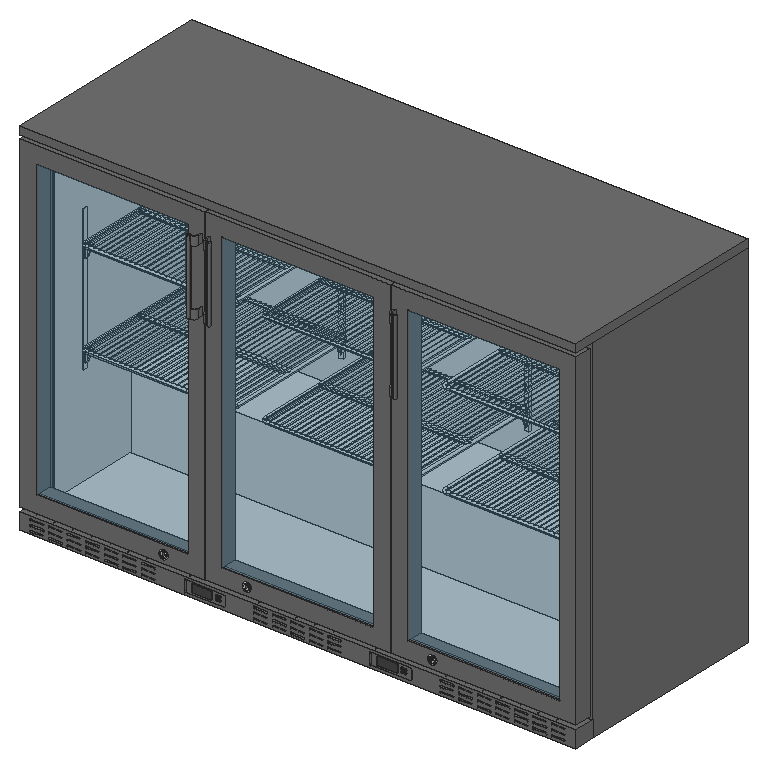
Revit family "QF_KOLDBOX_KBC3_240315015508", category Specialty Equipment, Revit 2021
Family settings
  Round Connector Dimension = Use Diameter
  Part Type = Normal
  OmniClass Number = 23.40.40.14
  OmniClass Title = Food Service Equipment
  Work Plane-Based = No
  Always vertical = Yes
  Cut with Voids When Loaded = No
  Shared = No
  Room Calculation Point = No
Parameters (values of type "KBC3")
  Weight [instance] = 88.9998 kg
  Warranty Start Date [instance] = ""
  Warranty Duration [instance] = ""
  Volts [instance] = 230 V
  Volt Free Conn [instance] = no
  URL Recommended Spares List [instance] = ""
  URL Manufacturer [instance] = ""
  URL Cutsheet [instance] = ""
  URL Critical Spares List [instance] = ""
  URL = "www.koldbox.com"
  Treated Water Size = 0 mm
  Treated Water Recommended Temperature = 0 °C
  Treated Water RI Height [instance] = 0 mm
  Treated Water Minimum Pressure = 0.0 Pa
  Treated Water Maximum Pressure = 0.0 Pa
  Treated Water Flow = 0.0 L/s
  Treated Water Consumption = ""
  Treated Water Connection Height [instance] = 0 mm
  Technical Documentation [instance] = ""
  Tag Number [instance] = ""
  Status [instance] = ""
  Start Up Current [instance] = 0 A
  Specification by User [instance] = ""
  Specification by Manufacturer [instance] = ""
  Sound Level [instance] = ""
  Show Logo [instance] = yes
  Show Clearances [instance] = yes
  Service Life Duration [instance] = ""
  Serial Number [instance] = ""
  Sensitive Heat Output = 0 W
  Seismic Rating [instance] = ""
  SMACNA No [instance] = ""
  Revision Code [instance] = ""
  Revision [instance] = ""
  Refrigeration Suction Line Size = 0 mm
  Refrigeration Liquid Line Size = 0 mm
  Production Year [instance] = ""
  Potential Equalisation [instance] = no
  Point Load [instance] = 0
  Plumbing Remarks [instance] = ""
  Phase [instance] = 1
  Other Equipment Approvals [instance] = ""
  Operational Current [instance] = 0 A
  Odor Trap Included = no
  Number of Poles [instance] = 2
  No Load Power Draw [instance] = no
  National Water Regulation Certification = no
  NAFEM Spec ID Number [instance] = ""
  Model Warning [instance] = ""
  Model = "KBC3"
  Min Ckt Ampacity [instance] = 0 A
  Mechanical Remarks [instance] = ""
  Mechanical Connection Type [instance] = ""
  Max Overcurrent Protection [instance] = 10 A
  Masterspec [instance] = ""
  Manufacturer = "KOLDBOX"
  Main switch integrated [instance] = no
  Length Actual [instance] = 1350.01 mm
  Latent Heat Output = 0 W
  Item Number [instance] = ""
  Installed By [instance] = ""
  Installation Date [instance] = ""
  Identify Quantity as Lot [instance] = no
  ID [instance] = ""
  Hygiene Approval [instance] = ""
  Hot Water Consumption = 0.0 L/s
  Height Actual [instance] = 899.998 mm
  HP power [instance] = ""
  Gas power kW = 0
  Furnished By [instance] = ""
  Foodservice Equipment Identifier [instance] = no
  Filtered Water Supply Size = 0 mm
  Filtered Water RI Height [instance] = 0 mm
  Filtered Water Quality = ""
  Filtered Water Minimum Pressure = 0.0 Pa
  Filtered Water Maximum Pressure = 0.0 Pa
  Filtered Water Flow = 0.0 L/s
  Filtered Water Connection Height [instance] = 0 mm
  FL Amps [instance] = 5.32 A
  Energy Efficiency Labelling = ""
  Electrical Remarks [instance] = ""
  Electric power [instance] = 1225 W
  Electric Connection Type [instance] = ""
  Elec Conn RI Height [instance] = 0 mm
  Elec Conn Connection Height [instance] = 0 mm
  ETL Approved [instance] = no
  Direct Heat Output = 0 W
  Description = "KOLDBOX TRIPLE DOOR BACK BAR COOLER"
  Depth Actual [instance] = 519.938 mm
  Default Elevation = 0 mm
  Cycle [instance] = 50 Hz
  Cost = 907
  Connection to energy optimisation system [instance] = yes
  Conn Plug [instance] = ""
  Conn Conduit [instance] = no
  Cold Water Consumption = 0.0 L/s
  Centralized building control system with digital interface [instance] = ""
  CSI MasterFormat [instance] = ""
  CE Approved [instance] = no
  Barcode [instance] = 0
  Author [instance] = ""
  Asset Identifier [instance] = ""
  Apparent Power [instance] = 1225 VA
  Accessory [instance] = no
Reference planes
  plane 1 "Center (Front/Back)": y = 0
  plane 2: z = 0
  plane 3 "Center (Left/Right)": x = 0
Forms (mm)
  Extrusion 1, solid, not visible
    sketch origin (100.005, -2, 100.005) x (1, 0, 0) y (0, 1, 0)
      loop
        line (-2, 2) -> (-2, -2) -> (2, -2) -> (2, 2) -> (-2, 2)
    from -2 to 2
Dimensions and locks
  locked: Extrusion 1 to nested 2
  locked: nested 2 to Extrusion 1 at 2
  aligned and locked: level to plane 2
Nested families
  nested 1: "QF_KOLDBOX_KBC3_2861" at (0, 0, 0), type "KBC3"
    with Weight 2863.48 kg, Warranty Start Date "", Warranty Duration "", URL Cutsheet "", Technical Documentation "", Tag Number "", Status "", Specification by User "", Specification by Manufacturer "", Sound Level "", Solid Fuel Type "", Show Logo yes, Show Clearances yes, Service Life Duration "", Serial Number "", Seismic Rating "", SMACNA No "", Revision Code "", Revision "", Production Year "", Point Load 0, Other Equipment Approvals "", NAFEM Spec ID Number "", Model Warning "", Masterspec "", Length Actual 1350.01 mm, Item Number "", Installed By "", Installation Date "", Identify Quantity as Lot yes, ID "", Hygiene Approval "", Height Actual 899.998 mm, Furnished By "", Foodservice Equipment Identifier yes, ETL Approved yes, Depth Actual 519.938 mm, CSI MasterFormat "", CE Approved yes, Barcode "", Author "", Asset Identifier "", Accessory no
  nested 2: "CONN_POINT_ELE_2D___Generic_Annotation" at (100.005, 0, 100.005), type "CONN_POINT_ELE_2D___Generic_Annotation"
    with Onboard connection annotation symbol visibility yes
Connectors
  electrical at (100.005, 0, 100.005), driven by "Apparent Power", driven by "Number of Poles", driven by "Volts"
    settings: on Extrusion 1, index 1, voltage 230 V, apparent load 0 VA, apparent load phase1 1225 VA, apparent load phase2 0 VA, apparent load phase3 0 VA, power factor 1, load classification "Other", number of poles 2, system type 31, power factor state 1, is connector primary yes, connector utility no, sub classification motor no, connector description "Electrical connection for KBC3"
Definition of nested family "QF_KOLDBOX_KBC3_2861"
  Parameters (values of type "KBC3")
    Weight [instance] = 0.00 kg
    Warranty Start Date [instance] = ""
    Warranty Duration [instance] = ""
    URL Cutsheet [instance] = ""
    URL = "www.koldbox.com"
    Technical Documentation [instance] = ""
    Tag Number [instance] = ""
    Status [instance] = ""
    Specification by User [instance] = ""
    Specification by Manufacturer [instance] = ""
    Sound Level [instance] = ""
    Solid Fuel Type [instance] = ""
    Show Logo [instance] = yes
    Show Clearances [instance] = yes
    Service Life Duration [instance] = ""
    Serial Number [instance] = ""
    Seismic Rating [instance] = ""
    SMACNA No [instance] = ""
    Revision Code [instance] = ""
    Revision [instance] = ""
    Production Year [instance] = ""
    Point Load [instance] = 0
    Other Equipment Approvals [instance] = ""
    NAFEM Spec ID Number [instance] = ""
    Model Warning [instance] = ""
    Model = "KBC3"
    Masterspec [instance] = ""
    Manufacturer = "KOLDBOX"
    Length Actual [instance] = 0 mm
    Item Number [instance] = ""
    Installed By [instance] = ""
    Installation Date [instance] = ""
    Identify Quantity as Lot [instance] = yes
    ID [instance] = ""
    Hygiene Approval [instance] = ""
    Height Actual [instance] = 0 mm
    Furnished By [instance] = ""
    Foodservice Equipment Identifier [instance] = yes
    ETL Approved [instance] = yes
    Description = "KOLDBOX TRIPLE DOOR BACK BAR COOLER"
    Depth Actual [instance] = 0 mm
    Default Elevation = 0 mm
    CSI MasterFormat [instance] = ""
    CE Approved [instance] = yes
    Barcode [instance] = ""
    Author [instance] = ""
    Asset Identifier [instance] = ""
    Assembly Code = "E1090320"
    Accessory [instance] = yes
  Reference planes
    plane 1 "Back": y = 0
    plane 2: z = 0
    plane 3 "Left": x = 0
    plane 4 "Right": x = 1350
    plane 5 "Front": y = -520
    plane 6 "Top": z = 900
  Forms (mm)
    Extrusion 1, solid
      sketch origin (0, 60, 10) x (1, 0, 0) y (0, 0, 1)
        loop
          line (0, 870) -> (0, 10) -> (1350, 10) -> (1350, 870) -> (0, 870)
        loop
          line (40, 840) -> (40, 67.5) -> (1310, 67.5) -> (1310, 840) -> (40, 840)
      from 60 to 530
    Extrusion 2, solid
      sketch origin (0, 0, 70) x (0, 1, 0) y (0, 0, 1)
        loop
          line (0, 830) -> (-520, 830) -> (-520, 810) -> (0, 810) -> (0, 830)
      from 0 to 1350
    Revolve 3, solid
      sketch origin (0, -50, 0) x (1, 0, 0) y (0, 0, -1)
        loop
          line (50, -20) -> (50, -15) -> (60, -15) -> (60, 0) -> (40, 0) -> (40, -20) -> (50, -20)
        axis (40, 0) -> (40, -20)
      angle from 0 to 360
    Revolve 4, solid
      sketch origin (349, 120, -715) x (0, 1, 0) y (0, 0, 1)
        loop
          line (-640, 812.281) -> (-640, 815) -> (-641, 815) -> (-642.268, 812.281) -> (-640, 812.281)
        axis (-640, 805) -> (-642.268, 805)
      angle from 0 to 360
    Extrusion 5, solid
      sketch origin (349, -520, -715) x (1, 0, 0) y (0, 0, 1)
        loop
          circle (0, 805) r 7.281
      from 0 to 2.268
    Extrusion 6, solid
      sketch origin (-20.781, -520.768, -715) x (1, 0, 0) y (0, 0, 1)
        loop
          line (368.781, 810.281) -> (368.781, 803.281) -> (370.781, 803.281) -> (370.781, 810.281) -> (368.781, 810.281)
      from 0.232 to 2
    Revolve 7, solid
      sketch origin (1345, -50, 0) x (-1, 0, 0) y (0, 0, 1)
        loop
          line (50, 20) -> (40, 20) -> (40, 0) -> (60, 0) -> (60, 15) -> (50, 15) -> (50, 20)
        axis (40, 0) -> (40, 20)
      angle from 0 to 360
    Extrusion 8, solid
      sketch origin (860, -500, 0) x (1, 0, 0) y (0, 0, 1)
        loop
          line (41, 870) -> (41, 70) -> (490, 70) -> (490, 870) -> (41, 870)
        loop
          line (81, 830) -> (81, 110) -> (450, 110) -> (450, 830) -> (81, 830)
      from -20 to 20
    Extrusion 9, solid
      sketch origin (860, -512, 0) x (1, 0, 0) y (0, 0, 1)
        loop
          line (81, 830) -> (81, 110) -> (450, 110) -> (450, 830) -> (81, 830)
      from 0 to 5
    Revolve 10, solid
      sketch origin (0, -470, 0) x (1, 0, 0) y (0, 0, 1)
        loop
          line (50, 20) -> (40, 20) -> (40, 0) -> (60, 0) -> (60, 15) -> (50, 15) -> (50, 20)
        axis (40, 0) -> (40, 20)
      angle from 0 to 360
    Revolve 11, solid
      sketch origin (1345, -470, 0) x (-1, 0, 0) y (0, 0, -1)
        loop
          line (50, -20) -> (50, -15) -> (60, -15) -> (60, 0) -> (40, 0) -> (40, -20) -> (50, -20)
        axis (40, 0) -> (40, -20)
      angle from 0 to 360
    Extrusion 12, solid
      sketch origin (0, 0, 0) x (1, 0, 0) y (0, 0, 1)
        loop
          line (40, 860) -> (40, 60) -> (1310, 60) -> (1310, 860) -> (40, 860)
      from 0 to 40
    Extrusion 13, solid
      sketch origin (868.5, 0, 800) x (1, 0, 0) y (0, 1, 0)
        loop
          line (40, -520) -> (40, -530)
          arc (40, -530) -> (43.107, -537.5) -> (50.607, -540.607) r 10.607
          line (50.607, -540.607) -> (52.579, -540.607) -> (52.579, -537.607) -> (50.607, -537.607)
          arc (50.607, -537.607) -> (45.228, -535.379) -> (43, -530) r 7.607
          line (43, -530) -> (43, -520) -> (40, -520)
      from 0 to 20
    Extrusion 14, solid
      sketch origin (868.5, 0, 640) x (1, 0, 0) y (0, 1, 0)
        loop
          line (40, -520) -> (40, -530)
          arc (40, -530) -> (43.107, -537.5) -> (50.607, -540.607) r 10.607
          line (50.607, -540.607) -> (52.579, -540.607) -> (52.579, -537.607) -> (50.607, -537.607)
          arc (50.607, -537.607) -> (45.228, -535.379) -> (43, -530) r 7.607
          line (43, -530) -> (43, -520) -> (40, -520)
      from 0 to 20
    Extrusion 15, solid
      sketch origin (868.5, 0, 80) x (1, 0, 0) y (0, 1, 0)
        loop
          line (52.579, -537.607) -> (52.579, -540.607) -> (54.579, -540.607)
          arc (54.579, -540.607) -> (60.177, -539.107) -> (54.579, -537.607) r 3
          line (54.579, -537.607) -> (52.579, -537.607)
      from 560 to 740
    Extrusion 16, solid
      sketch origin (40, -480, 0) x (1, 0, 0) y (0, 0, 1)
        loop
          line (-25, 75) -> (1295, 75) -> (1295, 855) -> (-25, 855) -> (-25, 75)
        loop
          line (-15, 85) -> (1285, 85) -> (1285, 845) -> (-15, 845) -> (-15, 85)
      from -10 to 0
    Extrusion 17, solid
      sketch origin (40, 0, 0) x (0, 1, 0) y (0, 0, 1)
        loop
          line (-470, 850) -> (-470, 845) -> (-45, 845) -> (-45, 260) -> (-240, 260) -> (-240, 82.5) -> (-470, 82.5) -> (-470, 77.5) -> (-40, 77.5) -> (-40, 850) -> (-470, 850)
      from 0 to 1270
    Extrusion 18, solid
      sketch origin (1305, 0, 0) x (0, 1, 0) y (0, 0, 1)
        loop
          line (-470, 850) -> (-470, 82.5) -> (-240, 82.5) -> (-240, 260) -> (-45, 260) -> (-45, 850) -> (-470, 850)
      from 0 to 5
    Extrusion 19, solid
      sketch origin (40, 0, 0) x (0, 1, 0) y (0, 0, 1)
        loop
          line (-470, 850) -> (-470, 82.5) -> (-240, 82.5) -> (-240, 260) -> (-45, 260) -> (-45, 850) -> (-470, 850)
      from 0 to 5
    Extrusion 20, solid
      sketch origin (490, -512, 0) x (-1, 0, 0) y (0, 0, -1)
        loop
          line (81, -830) -> (450, -830) -> (450, -110) -> (81, -110) -> (81, -830)
      from 0 to 5
    Extrusion 21, solid
      sketch origin (481.5, 0, 800) x (-1, 0, 0) y (0, -1, 0)
        loop
          line (40, 520) -> (43, 520) -> (43, 530)
          arc (43, 530) -> (45.228, 535.379) -> (50.607, 537.607) r 7.607
          line (50.607, 537.607) -> (52.579, 537.607) -> (52.579, 540.607) -> (50.607, 540.607)
          arc (50.607, 540.607) -> (43.107, 537.5) -> (40, 530) r 10.607
          line (40, 530) -> (40, 520)
      from 0 to 20
    Extrusion 22, solid
      sketch origin (481.5, 0, 640) x (-1, 0, 0) y (0, -1, 0)
        loop
          line (40, 520) -> (43, 520) -> (43, 530)
          arc (43, 530) -> (45.228, 535.379) -> (50.607, 537.607) r 7.607
          line (50.607, 537.607) -> (52.579, 537.607) -> (52.579, 540.607) -> (50.607, 540.607)
          arc (50.607, 540.607) -> (43.107, 537.5) -> (40, 530) r 10.607
          line (40, 530) -> (40, 520)
      from 0 to 20
    Extrusion 23, solid
      sketch origin (481.5, 0, 80) x (-1, 0, 0) y (0, -1, 0)
        loop
          line (52.579, 537.607) -> (54.579, 537.607)
          arc (54.579, 537.607) -> (60.177, 539.107) -> (54.579, 540.607) r 3
          line (54.579, 540.607) -> (52.579, 540.607) -> (52.579, 537.607)
      from 560 to 740
    Extrusion 24, solid, visible <- "Show Clearances", detail levels coarse
      sketch origin (1965, 0, 0) x (-1, 0, 0) y (0, -1, 0)
        loop
          line (615, 520) -> (1064, 520)
          arc (1064, 520) -> (932.491, 837.491) -> (615, 969) r 449
          line (615, 969) -> (615, 520)
      from 70 to 870
    Extrusion 25, solid
      sketch origin (-41, -500, 0) x (1, 0, 0) y (0, 0, 1)
        loop
          line (41, 870) -> (41, 70) -> (490, 70) -> (490, 870) -> (41, 870)
        loop
          line (81, 830) -> (81, 110) -> (450, 110) -> (450, 830) -> (81, 830)
      from -20 to 20
    Extrusion 26, solid, visible <- "Show Clearances", detail levels coarse
      sketch origin (-615, 0, 0) x (1, 0, 0) y (0, 1, 0)
        loop
          line (615, -520) -> (615, -969)
          arc (615, -969) -> (932.491, -837.491) -> (1064, -520) r 449
          line (1064, -520) -> (615, -520)
      from 70 to 870
    Revolve 27, solid
      sketch origin (1001, 120, -715) x (0, 1, 0) y (0, 0, -1)
        loop
          line (-640, -812.281) -> (-642.268, -812.281) -> (-641, -815) -> (-640, -815) -> (-640, -812.281)
        axis (-640, -805) -> (-642.268, -805)
      angle from 0 to 360
    Extrusion 28, solid
      sketch origin (1001, -520, -715) x (-1, 0, 0) y (0, 0, -1)
        loop
          circle (0, -805) r 7.281
      from 0 to 2.268
    Extrusion 29, solid
      sketch origin (1370.781, -520.768, -715) x (-1, 0, 0) y (0, 0, -1)
        loop
          line (368.781, -810.281) -> (370.781, -810.281) -> (370.781, -803.281) -> (368.781, -803.281) -> (368.781, -810.281)
      from 0.232 to 2
    Sweep 30, solid
      path origin (49.141, -109.803, 607.382) x (1, 0, 0) y (0, 1, 0)
        loop
          arc (17.859, 55.803) -> (9.373, 52.288) -> (5.859, 43.803) r 12
          line (5.859, 43.803) -> (5.859, -278.83)
          arc (5.859, -278.83) -> (9.373, -287.316) -> (17.859, -290.83) r 12
          line (17.859, -290.83) -> (358.859, -290.83)
          arc (358.859, -290.83) -> (367.344, -287.316) -> (370.859, -278.83) r 12
          line (370.859, -278.83) -> (370.859, 43.803)
          arc (370.859, 43.803) -> (367.344, 52.288) -> (358.859, 55.803) r 12
          line (358.859, 55.803) -> (17.859, 55.803)
      profile origin (237.5, -54, 607.382) x (0, 1, 0) y (0, 0, 1)
        loop
          circle (0, 0) r 3.5
    Extrusion 31, solid
      sketch origin (47, -109.803, 607.382) x (1, 0, 0) y (0, 0, 1)
        loop
          circle (13.5, 4.5) r 1
        loop
          circle (26, 4.5) r 1
        loop
          circle (38.5, 4.5) r 1
        loop
          circle (51, 4.5) r 1
        loop
          circle (63.5, 4.5) r 1
        loop
          circle (76, 4.5) r 1
        loop
          circle (88.5, 4.5) r 1
        loop
          circle (101, 4.5) r 1
        loop
          circle (113.5, 4.5) r 1
        loop
          circle (126, 4.5) r 1
        loop
          circle (138.5, 4.5) r 1
        loop
          circle (151, 4.5) r 1
        loop
          circle (163.5, 4.5) r 1
        loop
          circle (176, 4.5) r 1
        loop
          circle (188.5, 4.5) r 1
        loop
          circle (201, 4.5) r 1
        loop
          circle (213.5, 4.5) r 1
        loop
          circle (226, 4.5) r 1
        loop
          circle (238.5, 4.5) r 1
        loop
          circle (251, 4.5) r 1
        loop
          circle (263.5, 4.5) r 1
        loop
          circle (276, 4.5) r 1
        loop
          circle (288.5, 4.5) r 1
        loop
          circle (301, 4.5) r 1
        loop
          circle (313.5, 4.5) r 1
        loop
          circle (326, 4.5) r 1
        loop
          circle (338.5, 4.5) r 1
        loop
          circle (351, 4.5) r 1
        loop
          circle (363.5, 4.5) r 1
      from -55.803 to 290.83
    Extrusion 32, solid
      sketch origin (55, -15.816, 607.382) x (0, 1, 0) y (0, 0, 1)
        loop
          circle (-211.5, 0) r 3.5
      from 0 to 365
    Extrusion 33, solid
      sketch origin (1663.773, -1334.75, -239.071) x (1, 0, 0) y (0, 0, 1)
        loop
          line (-1608.773, 812.071) -> (-1593.825, 844.071) -> (-1608.773, 844.071) -> (-1608.773, 812.071)
      from -1264.75 to -1262.75
    Sweep 34, solid
      path origin (49.141, -109.803, 379.382) x (1, 0, 0) y (0, 1, 0)
        loop
          arc (17.859, 55.803) -> (9.373, 52.288) -> (5.859, 43.803) r 12
          line (5.859, 43.803) -> (5.859, -278.83)
          arc (5.859, -278.83) -> (9.373, -287.316) -> (17.859, -290.83) r 12
          line (17.859, -290.83) -> (358.859, -290.83)
          arc (358.859, -290.83) -> (367.344, -287.316) -> (370.859, -278.83) r 12
          line (370.859, -278.83) -> (370.859, 43.803)
          arc (370.859, 43.803) -> (367.344, 52.288) -> (358.859, 55.803) r 12
          line (358.859, 55.803) -> (17.859, 55.803)
      profile origin (237.5, -54, 379.382) x (0, 1, 0) y (0, 0, 1)
        loop
          circle (0, 0) r 3.5
    Extrusion 35, solid
      sketch origin (55, -15.816, 379.382) x (0, 1, 0) y (0, 0, 1)
        loop
          circle (-211.5, 0) r 3.5
      from 0 to 365
    Extrusion 36, solid
      sketch origin (47, -109.803, 379.382) x (1, 0, 0) y (0, 0, 1)
        loop
          circle (13.5, 4.5) r 1
        loop
          circle (26, 4.5) r 1
        loop
          circle (38.5, 4.5) r 1
        loop
          circle (51, 4.5) r 1
        loop
          circle (63.5, 4.5) r 1
        loop
          circle (76, 4.5) r 1
        loop
          circle (88.5, 4.5) r 1
        loop
          circle (101, 4.5) r 1
        loop
          circle (113.5, 4.5) r 1
        loop
          circle (126, 4.5) r 1
        loop
          circle (138.5, 4.5) r 1
        loop
          circle (151, 4.5) r 1
        loop
          circle (163.5, 4.5) r 1
        loop
          circle (176, 4.5) r 1
        loop
          circle (188.5, 4.5) r 1
        loop
          circle (201, 4.5) r 1
        loop
          circle (213.5, 4.5) r 1
        loop
          circle (226, 4.5) r 1
        loop
          circle (238.5, 4.5) r 1
        loop
          circle (251, 4.5) r 1
        loop
          circle (263.5, 4.5) r 1
        loop
          circle (276, 4.5) r 1
        loop
          circle (288.5, 4.5) r 1
        loop
          circle (301, 4.5) r 1
        loop
          circle (313.5, 4.5) r 1
        loop
          circle (326, 4.5) r 1
        loop
          circle (338.5, 4.5) r 1
        loop
          circle (351, 4.5) r 1
        loop
          circle (363.5, 4.5) r 1
      from -55.803 to 290.83
    Extrusion 37, solid
      sketch origin (45, 4, -0.606) x (0, 1, 0) y (0, 0, 1)
        loop
          line (-70, 678) -> (-80, 678) -> (-80, 330) -> (-70, 330) -> (-70, 678)
        loop
          line (-77, 336.989) -> (-73, 336.989) -> (-73, 340.989) -> (-77, 340.989) -> (-77, 336.989)
        loop
          line (-77, 351.989) -> (-73, 351.989) -> (-73, 355.989) -> (-77, 355.989) -> (-77, 351.989)
        loop
          line (-77, 366.989) -> (-73, 366.989) -> (-73, 370.989) -> (-77, 370.989) -> (-77, 366.989)
        loop
          line (-77, 381.989) -> (-73, 381.989) -> (-73, 385.989) -> (-77, 385.989) -> (-77, 381.989)
        loop
          line (-77, 396.989) -> (-73, 396.989) -> (-73, 400.989) -> (-77, 400.989) -> (-77, 396.989)
        loop
          line (-77, 411.989) -> (-73, 411.989) -> (-73, 415.989) -> (-77, 415.989) -> (-77, 411.989)
        loop
          line (-77, 426.989) -> (-73, 426.989) -> (-73, 430.989) -> (-77, 430.989) -> (-77, 426.989)
        loop
          line (-77, 441.989) -> (-73, 441.989) -> (-73, 445.989) -> (-77, 445.989) -> (-77, 441.989)
        loop
          line (-77, 456.989) -> (-73, 456.989) -> (-73, 460.989) -> (-77, 460.989) -> (-77, 456.989)
        loop
          line (-77, 471.989) -> (-73, 471.989) -> (-73, 475.989) -> (-77, 475.989) -> (-77, 471.989)
        loop
          line (-77, 486.989) -> (-73, 486.989) -> (-73, 490.989) -> (-77, 490.989) -> (-77, 486.989)
        loop
          line (-77, 501.989) -> (-73, 501.989) -> (-73, 505.989) -> (-77, 505.989) -> (-77, 501.989)
        loop
          line (-77, 516.989) -> (-73, 516.989) -> (-73, 520.989) -> (-77, 520.989) -> (-77, 516.989)
        loop
          line (-77, 531.989) -> (-73, 531.989) -> (-73, 535.989) -> (-77, 535.989) -> (-77, 531.989)
        loop
          line (-77, 546.989) -> (-73, 546.989) -> (-73, 550.989) -> (-77, 550.989) -> (-77, 546.989)
        loop
          line (-77, 561.989) -> (-73, 561.989) -> (-73, 565.989) -> (-77, 565.989) -> (-77, 561.989)
        loop
          line (-77, 576.989) -> (-73, 576.989) -> (-73, 580.989) -> (-77, 580.989) -> (-77, 576.989)
        loop
          line (-77, 591.989) -> (-73, 591.989) -> (-73, 595.989) -> (-77, 595.989) -> (-77, 591.989)
        loop
          line (-77, 606.989) -> (-73, 606.989) -> (-73, 610.989) -> (-77, 610.989) -> (-77, 606.989)
        loop
          line (-77, 621.989) -> (-73, 621.989) -> (-73, 625.989) -> (-77, 625.989) -> (-77, 621.989)
        loop
          line (-77, 636.989) -> (-73, 636.989) -> (-73, 640.989) -> (-77, 640.989) -> (-77, 636.989)
        loop
          line (-77, 651.989) -> (-73, 651.989) -> (-73, 655.989) -> (-77, 655.989) -> (-77, 651.989)
        loop
          line (-77, 666.989) -> (-73, 666.989) -> (-73, 670.989) -> (-77, 670.989) -> (-77, 666.989)
      from 0 to 5
    Extrusion 38, solid
      sketch origin (45, -458.633, -0.606) x (0, -1, 0) y (0, 0, -1)
        loop
          line (-70, -678) -> (-70, -330) -> (-80, -330) -> (-80, -678) -> (-70, -678)
        loop
          line (-77, -336.989) -> (-77, -340.989) -> (-73, -340.989) -> (-73, -336.989) -> (-77, -336.989)
        loop
          line (-77, -351.989) -> (-77, -355.989) -> (-73, -355.989) -> (-73, -351.989) -> (-77, -351.989)
        loop
          line (-77, -366.989) -> (-77, -370.989) -> (-73, -370.989) -> (-73, -366.989) -> (-77, -366.989)
        loop
          line (-77, -381.989) -> (-77, -385.989) -> (-73, -385.989) -> (-73, -381.989) -> (-77, -381.989)
        loop
          line (-77, -396.989) -> (-77, -400.989) -> (-73, -400.989) -> (-73, -396.989) -> (-77, -396.989)
        loop
          line (-77, -411.989) -> (-77, -415.989) -> (-73, -415.989) -> (-73, -411.989) -> (-77, -411.989)
        loop
          line (-77, -426.989) -> (-77, -430.989) -> (-73, -430.989) -> (-73, -426.989) -> (-77, -426.989)
        loop
          line (-77, -441.989) -> (-77, -445.989) -> (-73, -445.989) -> (-73, -441.989) -> (-77, -441.989)
        loop
          line (-77, -456.989) -> (-77, -460.989) -> (-73, -460.989) -> (-73, -456.989) -> (-77, -456.989)
        loop
          line (-77, -471.989) -> (-77, -475.989) -> (-73, -475.989) -> (-73, -471.989) -> (-77, -471.989)
        loop
          line (-77, -486.989) -> (-77, -490.989) -> (-73, -490.989) -> (-73, -486.989) -> (-77, -486.989)
        loop
          line (-77, -501.989) -> (-77, -505.989) -> (-73, -505.989) -> (-73, -501.989) -> (-77, -501.989)
        loop
          line (-77, -516.989) -> (-77, -520.989) -> (-73, -520.989) -> (-73, -516.989) -> (-77, -516.989)
        loop
          line (-77, -531.989) -> (-77, -535.989) -> (-73, -535.989) -> (-73, -531.989) -> (-77, -531.989)
        loop
          line (-77, -546.989) -> (-77, -550.989) -> (-73, -550.989) -> (-73, -546.989) -> (-77, -546.989)
        loop
          line (-77, -561.989) -> (-77, -565.989) -> (-73, -565.989) -> (-73, -561.989) -> (-77, -561.989)
        loop
          line (-77, -576.989) -> (-77, -580.989) -> (-73, -580.989) -> (-73, -576.989) -> (-77, -576.989)
        loop
          line (-77, -591.989) -> (-77, -595.989) -> (-73, -595.989) -> (-73, -591.989) -> (-77, -591.989)
        loop
          line (-77, -606.989) -> (-77, -610.989) -> (-73, -610.989) -> (-73, -606.989) -> (-77, -606.989)
        loop
          line (-77, -621.989) -> (-77, -625.989) -> (-73, -625.989) -> (-73, -621.989) -> (-77, -621.989)
        loop
          line (-77, -636.989) -> (-77, -640.989) -> (-73, -640.989) -> (-73, -636.989) -> (-77, -636.989)
        loop
          line (-77, -651.989) -> (-77, -655.989) -> (-73, -655.989) -> (-73, -651.989) -> (-77, -651.989)
        loop
          line (-77, -666.989) -> (-77, -670.989) -> (-73, -670.989) -> (-73, -666.989) -> (-77, -666.989)
      from 0 to 5
    Extrusion 39, solid
      sketch origin (50, -458.633, -0.606) x (0, -1, 0) y (0, 0, -1)
        loop
          line (-382.633, -605.606) -> (-382.633, -573.606) -> (-392.633, -573.606) -> (-392.633, -605.606) -> (-382.633, -605.606)
      from 0 to 5
    Extrusion 40, solid
      sketch origin (1663.773, -1334.75, -467.071) x (1, 0, 0) y (0, 0, 1)
        loop
          line (-1608.773, 812.071) -> (-1593.825, 844.071) -> (-1608.773, 844.071) -> (-1608.773, 812.071)
      from -1264.75 to -1262.75
    Extrusion 41, solid
      sketch origin (50, -458.633, -228.606) x (0, -1, 0) y (0, 0, -1)
        loop
          line (-382.633, -605.606) -> (-382.633, -573.606) -> (-392.633, -573.606) -> (-392.633, -605.606) -> (-382.633, -605.606)
      from 0 to 5
    Extrusion 42, solid
      sketch origin (1663.773, 880.117, -239.071) x (1, 0, 0) y (0, 0, -1)
        loop
          line (-1608.773, -812.071) -> (-1608.773, -844.071) -> (-1593.825, -844.071) -> (-1608.773, -812.071)
      from -1264.75 to -1262.75
    Extrusion 43, solid
      sketch origin (50, 4, -0.606) x (0, 1, 0) y (0, 0, 1)
        loop
          line (-382.633, 605.606) -> (-392.633, 605.606) -> (-392.633, 573.606) -> (-382.633, 573.606) -> (-382.633, 605.606)
      from 0 to 5
    Extrusion 44, solid
      sketch origin (1663.773, 880.117, -467.071) x (1, 0, 0) y (0, 0, -1)
        loop
          line (-1608.773, -812.071) -> (-1608.773, -844.071) -> (-1593.825, -844.071) -> (-1608.773, -812.071)
      from -1264.75 to -1262.75
    Extrusion 45, solid
      sketch origin (50, 4, -228.606) x (0, 1, 0) y (0, 0, 1)
        loop
          line (-382.633, 605.606) -> (-392.633, 605.606) -> (-392.633, 573.606) -> (-382.633, 573.606) -> (-382.633, 605.606)
      from 0 to 5
    Extrusion 46, solid
      sketch origin (329, -45, -0.606) x (-1, 0, 0) y (0, 0, -1)
        loop
          line (-70, -678) -> (-70, -330) -> (-80, -330) -> (-80, -678) -> (-70, -678)
        loop
          line (-77, -336.989) -> (-77, -340.989) -> (-73, -340.989) -> (-73, -336.989) -> (-77, -336.989)
        loop
          line (-77, -351.989) -> (-77, -355.989) -> (-73, -355.989) -> (-73, -351.989) -> (-77, -351.989)
        loop
          line (-77, -366.989) -> (-77, -370.989) -> (-73, -370.989) -> (-73, -366.989) -> (-77, -366.989)
        loop
          line (-77, -381.989) -> (-77, -385.989) -> (-73, -385.989) -> (-73, -381.989) -> (-77, -381.989)
        loop
          line (-77, -396.989) -> (-77, -400.989) -> (-73, -400.989) -> (-73, -396.989) -> (-77, -396.989)
        loop
          line (-77, -411.989) -> (-77, -415.989) -> (-73, -415.989) -> (-73, -411.989) -> (-77, -411.989)
        loop
          line (-77, -426.989) -> (-77, -430.989) -> (-73, -430.989) -> (-73, -426.989) -> (-77, -426.989)
        loop
          line (-77, -441.989) -> (-77, -445.989) -> (-73, -445.989) -> (-73, -441.989) -> (-77, -441.989)
        loop
          line (-77, -456.989) -> (-77, -460.989) -> (-73, -460.989) -> (-73, -456.989) -> (-77, -456.989)
        loop
          line (-77, -471.989) -> (-77, -475.989) -> (-73, -475.989) -> (-73, -471.989) -> (-77, -471.989)
        loop
          line (-77, -486.989) -> (-77, -490.989) -> (-73, -490.989) -> (-73, -486.989) -> (-77, -486.989)
        loop
          line (-77, -501.989) -> (-77, -505.989) -> (-73, -505.989) -> (-73, -501.989) -> (-77, -501.989)
        loop
          line (-77, -516.989) -> (-77, -520.989) -> (-73, -520.989) -> (-73, -516.989) -> (-77, -516.989)
        loop
          line (-77, -531.989) -> (-77, -535.989) -> (-73, -535.989) -> (-73, -531.989) -> (-77, -531.989)
        loop
          line (-77, -546.989) -> (-77, -550.989) -> (-73, -550.989) -> (-73, -546.989) -> (-77, -546.989)
        loop
          line (-77, -561.989) -> (-77, -565.989) -> (-73, -565.989) -> (-73, -561.989) -> (-77, -561.989)
        loop
          line (-77, -576.989) -> (-77, -580.989) -> (-73, -580.989) -> (-73, -576.989) -> (-77, -576.989)
        loop
          line (-77, -591.989) -> (-77, -595.989) -> (-73, -595.989) -> (-73, -591.989) -> (-77, -591.989)
        loop
          line (-77, -606.989) -> (-77, -610.989) -> (-73, -610.989) -> (-73, -606.989) -> (-77, -606.989)
        loop
          line (-77, -621.989) -> (-77, -625.989) -> (-73, -625.989) -> (-73, -621.989) -> (-77, -621.989)
        loop
          line (-77, -636.989) -> (-77, -640.989) -> (-73, -640.989) -> (-73, -636.989) -> (-77, -636.989)
        loop
          line (-77, -651.989) -> (-77, -655.989) -> (-73, -655.989) -> (-73, -651.989) -> (-77, -651.989)
        loop
          line (-77, -666.989) -> (-77, -670.989) -> (-73, -670.989) -> (-73, -666.989) -> (-77, -666.989)
      from 0 to 5
    Extrusion 47, solid
      sketch origin (-859.75, -1663.773, -239.071) x (0, -1, 0) y (0, 0, 1)
        loop
          line (-1608.773, 812.071) -> (-1593.825, 844.071) -> (-1608.773, 844.071) -> (-1608.773, 812.071)
      from -1264.75 to -1262.75
    Extrusion 48, solid
      sketch origin (16.367, -50, -0.606) x (-1, 0, 0) y (0, 0, -1)
        loop
          line (-382.633, -605.606) -> (-382.633, -573.606) -> (-392.633, -573.606) -> (-392.633, -605.606) -> (-382.633, -605.606)
      from 0 to 5
    Extrusion 49, solid
      sketch origin (-859.75, -1663.773, -467.071) x (0, -1, 0) y (0, 0, 1)
        loop
          line (-1608.773, 812.071) -> (-1593.825, 844.071) -> (-1608.773, 844.071) -> (-1608.773, 812.071)
      from -1264.75 to -1262.75
    Extrusion 50, solid
      sketch origin (16.367, -50, -228.606) x (-1, 0, 0) y (0, 0, -1)
        loop
          line (-382.633, -605.606) -> (-382.633, -573.606) -> (-392.633, -573.606) -> (-392.633, -605.606) -> (-382.633, -605.606)
      from 0 to 5
    Sweep 51, solid
      path origin (1300.859, -109.803, 607.382) x (-1, 0, 0) y (0, -1, 0)
        loop
          line (17.859, -55.803) -> (358.859, -55.803)
          arc (358.859, -55.803) -> (367.344, -52.288) -> (370.859, -43.803) r 12
          line (370.859, -43.803) -> (370.859, 278.83)
          arc (370.859, 278.83) -> (367.344, 287.316) -> (358.859, 290.83) r 12
          line (358.859, 290.83) -> (17.859, 290.83)
          arc (17.859, 290.83) -> (9.373, 287.316) -> (5.859, 278.83) r 12
          line (5.859, 278.83) -> (5.859, -43.803)
          arc (5.859, -43.803) -> (9.373, -52.288) -> (17.859, -55.803) r 12
      profile origin (1112.5, -54, 607.382) x (0, -1, 0) y (0, 0, 1)
        loop
          circle (0, 0) r 3.5
    Extrusion 52, solid
      sketch origin (1303, -109.803, 607.382) x (-1, 0, 0) y (0, 0, -1)
        loop
          circle (13.5, -4.5) r 1
        loop
          circle (26, -4.5) r 1
        loop
          circle (38.5, -4.5) r 1
        loop
          circle (51, -4.5) r 1
        loop
          circle (63.5, -4.5) r 1
        loop
          circle (76, -4.5) r 1
        loop
          circle (88.5, -4.5) r 1
        loop
          circle (101, -4.5) r 1
        loop
          circle (113.5, -4.5) r 1
        loop
          circle (126, -4.5) r 1
        loop
          circle (138.5, -4.5) r 1
        loop
          circle (151, -4.5) r 1
        loop
          circle (163.5, -4.5) r 1
        loop
          circle (176, -4.5) r 1
        loop
          circle (188.5, -4.5) r 1
        loop
          circle (201, -4.5) r 1
        loop
          circle (213.5, -4.5) r 1
        loop
          circle (226, -4.5) r 1
        loop
          circle (238.5, -4.5) r 1
        loop
          circle (251, -4.5) r 1
        loop
          circle (263.5, -4.5) r 1
        loop
          circle (276, -4.5) r 1
        loop
          circle (288.5, -4.5) r 1
        loop
          circle (301, -4.5) r 1
        loop
          circle (313.5, -4.5) r 1
        loop
          circle (326, -4.5) r 1
        loop
          circle (338.5, -4.5) r 1
        loop
          circle (351, -4.5) r 1
        loop
          circle (363.5, -4.5) r 1
      from -55.803 to 290.83
    Extrusion 53, solid
      sketch origin (1295, -15.816, 607.382) x (0, 1, 0) y (0, 0, -1)
        loop
          circle (-211.5, 0) r 3.5
      from 0 to 365
    Extrusion 54, solid
      sketch origin (-313.773, -1334.75, -239.071) x (-1, 0, 0) y (0, 0, -1)
        loop
          line (-1608.773, -812.071) -> (-1608.773, -844.071) -> (-1593.825, -844.071) -> (-1608.773, -812.071)
      from -1264.75 to -1262.75
    Sweep 55, solid
      path origin (1300.859, -109.803, 379.382) x (-1, 0, 0) y (0, -1, 0)
        loop
          line (17.859, -55.803) -> (358.859, -55.803)
          arc (358.859, -55.803) -> (367.344, -52.288) -> (370.859, -43.803) r 12
          line (370.859, -43.803) -> (370.859, 278.83)
          arc (370.859, 278.83) -> (367.344, 287.316) -> (358.859, 290.83) r 12
          line (358.859, 290.83) -> (17.859, 290.83)
          arc (17.859, 290.83) -> (9.373, 287.316) -> (5.859, 278.83) r 12
          line (5.859, 278.83) -> (5.859, -43.803)
          arc (5.859, -43.803) -> (9.373, -52.288) -> (17.859, -55.803) r 12
      profile origin (1112.5, -54, 379.382) x (0, -1, 0) y (0, 0, 1)
        loop
          circle (0, 0) r 3.5
    Extrusion 56, solid
      sketch origin (1295, -15.816, 379.382) x (0, 1, 0) y (0, 0, -1)
        loop
          circle (-211.5, 0) r 3.5
      from 0 to 365
    Extrusion 57, solid
      sketch origin (1303, -109.803, 379.382) x (-1, 0, 0) y (0, 0, -1)
        loop
          circle (13.5, -4.5) r 1
        loop
          circle (26, -4.5) r 1
        loop
          circle (38.5, -4.5) r 1
        loop
          circle (51, -4.5) r 1
        loop
          circle (63.5, -4.5) r 1
        loop
          circle (76, -4.5) r 1
        loop
          circle (88.5, -4.5) r 1
        loop
          circle (101, -4.5) r 1
        loop
          circle (113.5, -4.5) r 1
        loop
          circle (126, -4.5) r 1
        loop
          circle (138.5, -4.5) r 1
        loop
          circle (151, -4.5) r 1
        loop
          circle (163.5, -4.5) r 1
        loop
          circle (176, -4.5) r 1
        loop
          circle (188.5, -4.5) r 1
        loop
          circle (201, -4.5) r 1
        loop
          circle (213.5, -4.5) r 1
        loop
          circle (226, -4.5) r 1
        loop
          circle (238.5, -4.5) r 1
        loop
          circle (251, -4.5) r 1
        loop
          circle (263.5, -4.5) r 1
        loop
          circle (276, -4.5) r 1
        loop
          circle (288.5, -4.5) r 1
        loop
          circle (301, -4.5) r 1
        loop
          circle (313.5, -4.5) r 1
        loop
          circle (326, -4.5) r 1
        loop
          circle (338.5, -4.5) r 1
        loop
          circle (351, -4.5) r 1
        loop
          circle (363.5, -4.5) r 1
      from -55.803 to 290.83
    Extrusion 58, solid
      sketch origin (1305, 4, -0.606) x (0, 1, 0) y (0, 0, -1)
        loop
          line (-70, -678) -> (-70, -330) -> (-80, -330) -> (-80, -678) -> (-70, -678)
        loop
          line (-77, -336.989) -> (-77, -340.989) -> (-73, -340.989) -> (-73, -336.989) -> (-77, -336.989)
        loop
          line (-77, -351.989) -> (-77, -355.989) -> (-73, -355.989) -> (-73, -351.989) -> (-77, -351.989)
        loop
          line (-77, -366.989) -> (-77, -370.989) -> (-73, -370.989) -> (-73, -366.989) -> (-77, -366.989)
        loop
          line (-77, -381.989) -> (-77, -385.989) -> (-73, -385.989) -> (-73, -381.989) -> (-77, -381.989)
        loop
          line (-77, -396.989) -> (-77, -400.989) -> (-73, -400.989) -> (-73, -396.989) -> (-77, -396.989)
        loop
          line (-77, -411.989) -> (-77, -415.989) -> (-73, -415.989) -> (-73, -411.989) -> (-77, -411.989)
        loop
          line (-77, -426.989) -> (-77, -430.989) -> (-73, -430.989) -> (-73, -426.989) -> (-77, -426.989)
        loop
          line (-77, -441.989) -> (-77, -445.989) -> (-73, -445.989) -> (-73, -441.989) -> (-77, -441.989)
        loop
          line (-77, -456.989) -> (-77, -460.989) -> (-73, -460.989) -> (-73, -456.989) -> (-77, -456.989)
        loop
          line (-77, -471.989) -> (-77, -475.989) -> (-73, -475.989) -> (-73, -471.989) -> (-77, -471.989)
        loop
          line (-77, -486.989) -> (-77, -490.989) -> (-73, -490.989) -> (-73, -486.989) -> (-77, -486.989)
        loop
          line (-77, -501.989) -> (-77, -505.989) -> (-73, -505.989) -> (-73, -501.989) -> (-77, -501.989)
        loop
          line (-77, -516.989) -> (-77, -520.989) -> (-73, -520.989) -> (-73, -516.989) -> (-77, -516.989)
        loop
          line (-77, -531.989) -> (-77, -535.989) -> (-73, -535.989) -> (-73, -531.989) -> (-77, -531.989)
        loop
          line (-77, -546.989) -> (-77, -550.989) -> (-73, -550.989) -> (-73, -546.989) -> (-77, -546.989)
        loop
          line (-77, -561.989) -> (-77, -565.989) -> (-73, -565.989) -> (-73, -561.989) -> (-77, -561.989)
        loop
          line (-77, -576.989) -> (-77, -580.989) -> (-73, -580.989) -> (-73, -576.989) -> (-77, -576.989)
        loop
          line (-77, -591.989) -> (-77, -595.989) -> (-73, -595.989) -> (-73, -591.989) -> (-77, -591.989)
        loop
          line (-77, -606.989) -> (-77, -610.989) -> (-73, -610.989) -> (-73, -606.989) -> (-77, -606.989)
        loop
          line (-77, -621.989) -> (-77, -625.989) -> (-73, -625.989) -> (-73, -621.989) -> (-77, -621.989)
        loop
          line (-77, -636.989) -> (-77, -640.989) -> (-73, -640.989) -> (-73, -636.989) -> (-77, -636.989)
        loop
          line (-77, -651.989) -> (-77, -655.989) -> (-73, -655.989) -> (-73, -651.989) -> (-77, -651.989)
        loop
          line (-77, -666.989) -> (-77, -670.989) -> (-73, -670.989) -> (-73, -666.989) -> (-77, -666.989)
      from 0 to 5
    Extrusion 59, solid
      sketch origin (1305, -458.633, -0.606) x (0, -1, 0) y (0, 0, 1)
        loop
          line (-70, 678) -> (-80, 678) -> (-80, 330) -> (-70, 330) -> (-70, 678)
        loop
          line (-77, 336.989) -> (-73, 336.989) -> (-73, 340.989) -> (-77, 340.989) -> (-77, 336.989)
        loop
          line (-77, 351.989) -> (-73, 351.989) -> (-73, 355.989) -> (-77, 355.989) -> (-77, 351.989)
        loop
          line (-77, 366.989) -> (-73, 366.989) -> (-73, 370.989) -> (-77, 370.989) -> (-77, 366.989)
        loop
          line (-77, 381.989) -> (-73, 381.989) -> (-73, 385.989) -> (-77, 385.989) -> (-77, 381.989)
        loop
          line (-77, 396.989) -> (-73, 396.989) -> (-73, 400.989) -> (-77, 400.989) -> (-77, 396.989)
        loop
          line (-77, 411.989) -> (-73, 411.989) -> (-73, 415.989) -> (-77, 415.989) -> (-77, 411.989)
        loop
          line (-77, 426.989) -> (-73, 426.989) -> (-73, 430.989) -> (-77, 430.989) -> (-77, 426.989)
        loop
          line (-77, 441.989) -> (-73, 441.989) -> (-73, 445.989) -> (-77, 445.989) -> (-77, 441.989)
        loop
          line (-77, 456.989) -> (-73, 456.989) -> (-73, 460.989) -> (-77, 460.989) -> (-77, 456.989)
        loop
          line (-77, 471.989) -> (-73, 471.989) -> (-73, 475.989) -> (-77, 475.989) -> (-77, 471.989)
        loop
          line (-77, 486.989) -> (-73, 486.989) -> (-73, 490.989) -> (-77, 490.989) -> (-77, 486.989)
        loop
          line (-77, 501.989) -> (-73, 501.989) -> (-73, 505.989) -> (-77, 505.989) -> (-77, 501.989)
        loop
          line (-77, 516.989) -> (-73, 516.989) -> (-73, 520.989) -> (-77, 520.989) -> (-77, 516.989)
        loop
          line (-77, 531.989) -> (-73, 531.989) -> (-73, 535.989) -> (-77, 535.989) -> (-77, 531.989)
        loop
          line (-77, 546.989) -> (-73, 546.989) -> (-73, 550.989) -> (-77, 550.989) -> (-77, 546.989)
        loop
          line (-77, 561.989) -> (-73, 561.989) -> (-73, 565.989) -> (-77, 565.989) -> (-77, 561.989)
        loop
          line (-77, 576.989) -> (-73, 576.989) -> (-73, 580.989) -> (-77, 580.989) -> (-77, 576.989)
        loop
          line (-77, 591.989) -> (-73, 591.989) -> (-73, 595.989) -> (-77, 595.989) -> (-77, 591.989)
        loop
          line (-77, 606.989) -> (-73, 606.989) -> (-73, 610.989) -> (-77, 610.989) -> (-77, 606.989)
        loop
          line (-77, 621.989) -> (-73, 621.989) -> (-73, 625.989) -> (-77, 625.989) -> (-77, 621.989)
        loop
          line (-77, 636.989) -> (-73, 636.989) -> (-73, 640.989) -> (-77, 640.989) -> (-77, 636.989)
        loop
          line (-77, 651.989) -> (-73, 651.989) -> (-73, 655.989) -> (-77, 655.989) -> (-77, 651.989)
        loop
          line (-77, 666.989) -> (-73, 666.989) -> (-73, 670.989) -> (-77, 670.989) -> (-77, 666.989)
      from 0 to 5
    Extrusion 60, solid
      sketch origin (1300, -458.633, -0.606) x (0, -1, 0) y (0, 0, 1)
        loop
          line (-382.633, 605.606) -> (-392.633, 605.606) -> (-392.633, 573.606) -> (-382.633, 573.606) -> (-382.633, 605.606)
      from 0 to 5
    Extrusion 61, solid
      sketch origin (-313.773, -1334.75, -467.071) x (-1, 0, 0) y (0, 0, -1)
        loop
          line (-1608.773, -812.071) -> (-1608.773, -844.071) -> (-1593.825, -844.071) -> (-1608.773, -812.071)
      from -1264.75 to -1262.75
    Extrusion 62, solid
      sketch origin (1300, -458.633, -228.606) x (0, -1, 0) y (0, 0, 1)
        loop
          line (-382.633, 605.606) -> (-392.633, 605.606) -> (-392.633, 573.606) -> (-382.633, 573.606) -> (-382.633, 605.606)
      from 0 to 5
    Extrusion 63, solid
      sketch origin (-313.773, 880.117, -239.071) x (-1, 0, 0) y (0, 0, 1)
        loop
          line (-1608.773, 812.071) -> (-1593.825, 844.071) -> (-1608.773, 844.071) -> (-1608.773, 812.071)
      from -1264.75 to -1262.75
    Extrusion 64, solid
      sketch origin (1300, 4, -0.606) x (0, 1, 0) y (0, 0, -1)
        loop
          line (-382.633, -605.606) -> (-382.633, -573.606) -> (-392.633, -573.606) -> (-392.633, -605.606) -> (-382.633, -605.606)
      from 0 to 5
    Extrusion 65, solid
      sketch origin (-313.773, 880.117, -467.071) x (-1, 0, 0) y (0, 0, 1)
        loop
          line (-1608.773, 812.071) -> (-1593.825, 844.071) -> (-1608.773, 844.071) -> (-1608.773, 812.071)
      from -1264.75 to -1262.75
    Extrusion 66, solid
      sketch origin (1300, 4, -228.606) x (0, 1, 0) y (0, 0, -1)
        loop
          line (-382.633, -605.606) -> (-382.633, -573.606) -> (-392.633, -573.606) -> (-392.633, -605.606) -> (-382.633, -605.606)
      from 0 to 5
    Extrusion 67, solid
      sketch origin (1021, -45, -0.606) x (1, 0, 0) y (0, 0, 1)
        loop
          line (-70, 678) -> (-80, 678) -> (-80, 330) -> (-70, 330) -> (-70, 678)
        loop
          line (-77, 336.989) -> (-73, 336.989) -> (-73, 340.989) -> (-77, 340.989) -> (-77, 336.989)
        loop
          line (-77, 351.989) -> (-73, 351.989) -> (-73, 355.989) -> (-77, 355.989) -> (-77, 351.989)
        loop
          line (-77, 366.989) -> (-73, 366.989) -> (-73, 370.989) -> (-77, 370.989) -> (-77, 366.989)
        loop
          line (-77, 381.989) -> (-73, 381.989) -> (-73, 385.989) -> (-77, 385.989) -> (-77, 381.989)
        loop
          line (-77, 396.989) -> (-73, 396.989) -> (-73, 400.989) -> (-77, 400.989) -> (-77, 396.989)
        loop
          line (-77, 411.989) -> (-73, 411.989) -> (-73, 415.989) -> (-77, 415.989) -> (-77, 411.989)
        loop
          line (-77, 426.989) -> (-73, 426.989) -> (-73, 430.989) -> (-77, 430.989) -> (-77, 426.989)
        loop
          line (-77, 441.989) -> (-73, 441.989) -> (-73, 445.989) -> (-77, 445.989) -> (-77, 441.989)
        loop
          line (-77, 456.989) -> (-73, 456.989) -> (-73, 460.989) -> (-77, 460.989) -> (-77, 456.989)
        loop
          line (-77, 471.989) -> (-73, 471.989) -> (-73, 475.989) -> (-77, 475.989) -> (-77, 471.989)
        loop
          line (-77, 486.989) -> (-73, 486.989) -> (-73, 490.989) -> (-77, 490.989) -> (-77, 486.989)
        loop
          line (-77, 501.989) -> (-73, 501.989) -> (-73, 505.989) -> (-77, 505.989) -> (-77, 501.989)
        loop
          line (-77, 516.989) -> (-73, 516.989) -> (-73, 520.989) -> (-77, 520.989) -> (-77, 516.989)
        loop
          line (-77, 531.989) -> (-73, 531.989) -> (-73, 535.989) -> (-77, 535.989) -> (-77, 531.989)
        loop
          line (-77, 546.989) -> (-73, 546.989) -> (-73, 550.989) -> (-77, 550.989) -> (-77, 546.989)
        loop
          line (-77, 561.989) -> (-73, 561.989) -> (-73, 565.989) -> (-77, 565.989) -> (-77, 561.989)
        loop
          line (-77, 576.989) -> (-73, 576.989) -> (-73, 580.989) -> (-77, 580.989) -> (-77, 576.989)
        loop
          line (-77, 591.989) -> (-73, 591.989) -> (-73, 595.989) -> (-77, 595.989) -> (-77, 591.989)
        loop
          line (-77, 606.989) -> (-73, 606.989) -> (-73, 610.989) -> (-77, 610.989) -> (-77, 606.989)
        loop
          line (-77, 621.989) -> (-73, 621.989) -> (-73, 625.989) -> (-77, 625.989) -> (-77, 621.989)
        loop
          line (-77, 636.989) -> (-73, 636.989) -> (-73, 640.989) -> (-77, 640.989) -> (-77, 636.989)
        loop
          line (-77, 651.989) -> (-73, 651.989) -> (-73, 655.989) -> (-77, 655.989) -> (-77, 651.989)
        loop
          line (-77, 666.989) -> (-73, 666.989) -> (-73, 670.989) -> (-77, 670.989) -> (-77, 666.989)
      from 0 to 5
    Extrusion 68, solid
      sketch origin (2209.75, -1663.773, -239.071) x (0, -1, 0) y (0, 0, -1)
        loop
          line (-1608.773, -812.071) -> (-1608.773, -844.071) -> (-1593.825, -844.071) -> (-1608.773, -812.071)
      from -1264.75 to -1262.75
    Extrusion 69, solid
      sketch origin (1333.633, -50, -0.606) x (1, 0, 0) y (0, 0, 1)
        loop
          line (-382.633, 605.606) -> (-392.633, 605.606) -> (-392.633, 573.606) -> (-382.633, 573.606) -> (-382.633, 605.606)
      from 0 to 5
    Extrusion 70, solid
      sketch origin (2209.75, -1663.773, -467.071) x (0, -1, 0) y (0, 0, -1)
        loop
          line (-1608.773, -812.071) -> (-1608.773, -844.071) -> (-1593.825, -844.071) -> (-1608.773, -812.071)
      from -1264.75 to -1262.75
    Extrusion 71, solid
      sketch origin (1333.633, -50, -228.606) x (1, 0, 0) y (0, 0, 1)
        loop
          line (-382.633, 605.606) -> (-392.633, 605.606) -> (-392.633, 573.606) -> (-382.633, 573.606) -> (-382.633, 605.606)
      from 0 to 5
    Extrusion 72, solid
      sketch origin (409.5, -500, 0) x (1, 0, 0) y (0, 0, 1)
        loop
          line (41, 870) -> (41, 70) -> (490, 70) -> (490, 870) -> (41, 870)
        loop
          line (81, 830) -> (81, 110) -> (450, 110) -> (450, 830) -> (81, 830)
      from -20 to 20
    Extrusion 73, solid
      sketch origin (409.5, -512, 0) x (1, 0, 0) y (0, 0, 1)
        loop
          line (81, 830) -> (81, 110) -> (450, 110) -> (450, 830) -> (81, 830)
      from 0 to 5
    Extrusion 74, solid
      sketch origin (418, 0, 800) x (1, 0, 0) y (0, 1, 0)
        loop
          line (40, -520) -> (40, -530)
          arc (40, -530) -> (43.107, -537.5) -> (50.607, -540.607) r 10.607
          line (50.607, -540.607) -> (52.579, -540.607) -> (52.579, -537.607) -> (50.607, -537.607)
          arc (50.607, -537.607) -> (45.228, -535.379) -> (43, -530) r 7.607
          line (43, -530) -> (43, -520) -> (40, -520)
      from 0 to 20
    Extrusion 75, solid
      sketch origin (418, 0, 640) x (1, 0, 0) y (0, 1, 0)
        loop
          line (40, -520) -> (40, -530)
          arc (40, -530) -> (43.107, -537.5) -> (50.607, -540.607) r 10.607
          line (50.607, -540.607) -> (52.579, -540.607) -> (52.579, -537.607) -> (50.607, -537.607)
          arc (50.607, -537.607) -> (45.228, -535.379) -> (43, -530) r 7.607
          line (43, -530) -> (43, -520) -> (40, -520)
      from 0 to 20
    Extrusion 76, solid
      sketch origin (418, 0, 80) x (1, 0, 0) y (0, 1, 0)
        loop
          line (52.579, -537.607) -> (52.579, -540.607) -> (54.579, -540.607)
          arc (54.579, -540.607) -> (60.177, -539.107) -> (54.579, -537.607) r 3
          line (54.579, -537.607) -> (52.579, -537.607)
      from 560 to 740
    Extrusion 77, solid, visible <- "Show Clearances", detail levels coarse
      sketch origin (1514.5, 0, 0) x (-1, 0, 0) y (0, -1, 0)
        loop
          line (615, 520) -> (1064, 520)
          arc (1064, 520) -> (932.491, 837.491) -> (615, 969) r 449
          line (615, 969) -> (615, 520)
      from 70 to 870
    Revolve 78, solid
      sketch origin (550.5, 120, -715) x (0, 1, 0) y (0, 0, -1)
        loop
          line (-640, -812.281) -> (-642.268, -812.281) -> (-641, -815) -> (-640, -815) -> (-640, -812.281)
        axis (-640, -805) -> (-642.268, -805)
      angle from 0 to 360
    Extrusion 79, solid
      sketch origin (550.5, -520, -715) x (-1, 0, 0) y (0, 0, -1)
        loop
          circle (0, -805) r 7.281
      from 0 to 2.268
    Extrusion 80, solid
      sketch origin (920.281, -520.768, -715) x (-1, 0, 0) y (0, 0, -1)
        loop
          line (368.781, -810.281) -> (370.781, -810.281) -> (370.781, -803.281) -> (368.781, -803.281) -> (368.781, -810.281)
      from 0.232 to 2
    Extrusion 81, solid
      sketch origin (420.5, -45, -0.606) x (-1, 0, 0) y (0, 0, -1)
        loop
          line (-70, -678) -> (-70, -330) -> (-80, -330) -> (-80, -678) -> (-70, -678)
        loop
          line (-77, -336.989) -> (-77, -340.989) -> (-73, -340.989) -> (-73, -336.989) -> (-77, -336.989)
        loop
          line (-77, -351.989) -> (-77, -355.989) -> (-73, -355.989) -> (-73, -351.989) -> (-77, -351.989)
        loop
          line (-77, -366.989) -> (-77, -370.989) -> (-73, -370.989) -> (-73, -366.989) -> (-77, -366.989)
        loop
          line (-77, -381.989) -> (-77, -385.989) -> (-73, -385.989) -> (-73, -381.989) -> (-77, -381.989)
        loop
          line (-77, -396.989) -> (-77, -400.989) -> (-73, -400.989) -> (-73, -396.989) -> (-77, -396.989)
        loop
          line (-77, -411.989) -> (-77, -415.989) -> (-73, -415.989) -> (-73, -411.989) -> (-77, -411.989)
        loop
          line (-77, -426.989) -> (-77, -430.989) -> (-73, -430.989) -> (-73, -426.989) -> (-77, -426.989)
        loop
          line (-77, -441.989) -> (-77, -445.989) -> (-73, -445.989) -> (-73, -441.989) -> (-77, -441.989)
        loop
          line (-77, -456.989) -> (-77, -460.989) -> (-73, -460.989) -> (-73, -456.989) -> (-77, -456.989)
        loop
          line (-77, -471.989) -> (-77, -475.989) -> (-73, -475.989) -> (-73, -471.989) -> (-77, -471.989)
        loop
          line (-77, -486.989) -> (-77, -490.989) -> (-73, -490.989) -> (-73, -486.989) -> (-77, -486.989)
        loop
          line (-77, -501.989) -> (-77, -505.989) -> (-73, -505.989) -> (-73, -501.989) -> (-77, -501.989)
        loop
          line (-77, -516.989) -> (-77, -520.989) -> (-73, -520.989) -> (-73, -516.989) -> (-77, -516.989)
        loop
          line (-77, -531.989) -> (-77, -535.989) -> (-73, -535.989) -> (-73, -531.989) -> (-77, -531.989)
        loop
          line (-77, -546.989) -> (-77, -550.989) -> (-73, -550.989) -> (-73, -546.989) -> (-77, -546.989)
        loop
          line (-77, -561.989) -> (-77, -565.989) -> (-73, -565.989) -> (-73, -561.989) -> (-77, -561.989)
        loop
          line (-77, -576.989) -> (-77, -580.989) -> (-73, -580.989) -> (-73, -576.989) -> (-77, -576.989)
        loop
          line (-77, -591.989) -> (-77, -595.989) -> (-73, -595.989) -> (-73, -591.989) -> (-77, -591.989)
        loop
          line (-77, -606.989) -> (-77, -610.989) -> (-73, -610.989) -> (-73, -606.989) -> (-77, -606.989)
        loop
          line (-77, -621.989) -> (-77, -625.989) -> (-73, -625.989) -> (-73, -621.989) -> (-77, -621.989)
        loop
          line (-77, -636.989) -> (-77, -640.989) -> (-73, -640.989) -> (-73, -636.989) -> (-77, -636.989)
        loop
          line (-77, -651.989) -> (-77, -655.989) -> (-73, -655.989) -> (-73, -651.989) -> (-77, -651.989)
        loop
          line (-77, -666.989) -> (-77, -670.989) -> (-73, -670.989) -> (-73, -666.989) -> (-77, -666.989)
      from 0 to 5
    Extrusion 82, solid
      sketch origin (-768.25, -1663.773, -239.071) x (0, -1, 0) y (0, 0, 1)
        loop
          line (-1608.773, 812.071) -> (-1593.825, 844.071) -> (-1608.773, 844.071) -> (-1608.773, 812.071)
      from -1264.75 to -1262.75
    Extrusion 83, solid
      sketch origin (107.867, -50, -0.606) x (-1, 0, 0) y (0, 0, -1)
        loop
          line (-382.633, -605.606) -> (-382.633, -573.606) -> (-392.633, -573.606) -> (-392.633, -605.606) -> (-382.633, -605.606)
      from 0 to 5
    Extrusion 84, solid
      sketch origin (-768.25, -1663.773, -467.071) x (0, -1, 0) y (0, 0, 1)
        loop
          line (-1608.773, 812.071) -> (-1593.825, 844.071) -> (-1608.773, 844.071) -> (-1608.773, 812.071)
      from -1264.75 to -1262.75
    Extrusion 85, solid
      sketch origin (107.867, -50, -228.606) x (-1, 0, 0) y (0, 0, -1)
        loop
          line (-382.633, -605.606) -> (-382.633, -573.606) -> (-392.633, -573.606) -> (-392.633, -605.606) -> (-382.633, -605.606)
      from 0 to 5
    Extrusion 86, solid
      sketch origin (779.5, -45, -0.606) x (-1, 0, 0) y (0, 0, -1)
        loop
          line (-70, -678) -> (-70, -330) -> (-80, -330) -> (-80, -678) -> (-70, -678)
        loop
          line (-77, -336.989) -> (-77, -340.989) -> (-73, -340.989) -> (-73, -336.989) -> (-77, -336.989)
        loop
          line (-77, -351.989) -> (-77, -355.989) -> (-73, -355.989) -> (-73, -351.989) -> (-77, -351.989)
        loop
          line (-77, -366.989) -> (-77, -370.989) -> (-73, -370.989) -> (-73, -366.989) -> (-77, -366.989)
        loop
          line (-77, -381.989) -> (-77, -385.989) -> (-73, -385.989) -> (-73, -381.989) -> (-77, -381.989)
        loop
          line (-77, -396.989) -> (-77, -400.989) -> (-73, -400.989) -> (-73, -396.989) -> (-77, -396.989)
        loop
          line (-77, -411.989) -> (-77, -415.989) -> (-73, -415.989) -> (-73, -411.989) -> (-77, -411.989)
        loop
          line (-77, -426.989) -> (-77, -430.989) -> (-73, -430.989) -> (-73, -426.989) -> (-77, -426.989)
        loop
          line (-77, -441.989) -> (-77, -445.989) -> (-73, -445.989) -> (-73, -441.989) -> (-77, -441.989)
        loop
          line (-77, -456.989) -> (-77, -460.989) -> (-73, -460.989) -> (-73, -456.989) -> (-77, -456.989)
        loop
          line (-77, -471.989) -> (-77, -475.989) -> (-73, -475.989) -> (-73, -471.989) -> (-77, -471.989)
        loop
          line (-77, -486.989) -> (-77, -490.989) -> (-73, -490.989) -> (-73, -486.989) -> (-77, -486.989)
        loop
          line (-77, -501.989) -> (-77, -505.989) -> (-73, -505.989) -> (-73, -501.989) -> (-77, -501.989)
        loop
          line (-77, -516.989) -> (-77, -520.989) -> (-73, -520.989) -> (-73, -516.989) -> (-77, -516.989)
        loop
          line (-77, -531.989) -> (-77, -535.989) -> (-73, -535.989) -> (-73, -531.989) -> (-77, -531.989)
        loop
          line (-77, -546.989) -> (-77, -550.989) -> (-73, -550.989) -> (-73, -546.989) -> (-77, -546.989)
        loop
          line (-77, -561.989) -> (-77, -565.989) -> (-73, -565.989) -> (-73, -561.989) -> (-77, -561.989)
        loop
          line (-77, -576.989) -> (-77, -580.989) -> (-73, -580.989) -> (-73, -576.989) -> (-77, -576.989)
        loop
          line (-77, -591.989) -> (-77, -595.989) -> (-73, -595.989) -> (-73, -591.989) -> (-77, -591.989)
        loop
          line (-77, -606.989) -> (-77, -610.989) -> (-73, -610.989) -> (-73, -606.989) -> (-77, -606.989)
        loop
          line (-77, -621.989) -> (-77, -625.989) -> (-73, -625.989) -> (-73, -621.989) -> (-77, -621.989)
        loop
          line (-77, -636.989) -> (-77, -640.989) -> (-73, -640.989) -> (-73, -636.989) -> (-77, -636.989)
        loop
          line (-77, -651.989) -> (-77, -655.989) -> (-73, -655.989) -> (-73, -651.989) -> (-77, -651.989)
        loop
          line (-77, -666.989) -> (-77, -670.989) -> (-73, -670.989) -> (-73, -666.989) -> (-77, -666.989)
      from 0 to 5
    Extrusion 87, solid
      sketch origin (-409.25, -1663.773, -239.071) x (0, -1, 0) y (0, 0, 1)
        loop
          line (-1608.773, 812.071) -> (-1593.825, 844.071) -> (-1608.773, 844.071) -> (-1608.773, 812.071)
      from -1264.75 to -1262.75
    Extrusion 88, solid
      sketch origin (466.867, -50, -0.606) x (-1, 0, 0) y (0, 0, -1)
        loop
          line (-382.633, -605.606) -> (-382.633, -573.606) -> (-392.633, -573.606) -> (-392.633, -605.606) -> (-382.633, -605.606)
      from 0 to 5
